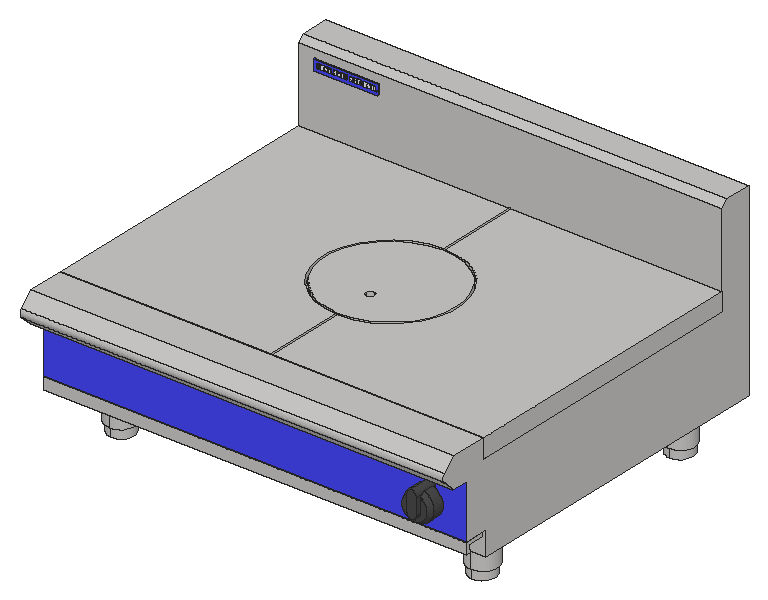
Revit family "QF_MOFFAT_BLUESEAL_CE_G57-B", category Specialty Equipment, Revit 2012
Parameters
  Width = 900 mm
  Weight in Pounds = 392
  URL Cutsheet = "www.moffat.com"
  URL = "www.moffat.com"
  Type Mark [instance] = ""
  Status [instance] = ""
  Specification by User [instance] = ""
  Specification by Manufacturer = ""
  Show Logo [instance] = yes
  Show Clearance [instance] = yes
  Serial Number = ""
  Seismic Rating = ""
  SMACNA No = ""
  Revision Code [instance] = ""
  Omniclass Number and Title = ""
  NAFEM Spec ID Number = ""
  Model = "G57-B"
  Mechanical Remarks = ""
  Mechanical Connection Type [instance] = ""
  Masterspec = ""
  Manufacturer = "MOFFAT BLUESEAL"
  Item Number [instance] = ""
  Installed By [instance] = ""
  Identify Quantity as Lot [instance] = yes
  Height = 485 mm
  Gas Size = 3/4"
  Gas RI Height [instance] = 0 mm
  Gas KW [instance] = 12.5
  Gas Input [instance] = 42700.0 Btu/h
  Gas Connection Height = 0 mm
  Furnished By [instance] = ""
  Foodservice Equipment Identifier [instance] = yes
  Description = "900MM GAS HOB TARGET TOP BENCH MOUNT"
  Depth = 812 mm
  CSI MasterFormat = ""
  CSI Master Format = ""
Reference planes
  plane 1 "BACK": y = 0
  plane 2: z = 0
  plane 3 "LEFT": x = 0
  plane 4 "RIGHT": x = 900
  plane 5 "FRONT": y = -812
  plane 6 "TOP": z = 485
  plane 7 "Center Y": x = 450
  plane 8 "Center X": y = -406
  plane 9: x = 280
  plane 10: y = -574.272
  plane 11: x = 60
  plane 12: y = -304.972
  plane 13: y = -364.972
  plane 14: x = 74
  plane 15: x = 834.5
  plane 16: y = -32
  plane 17: y = -100
  plane 18: y = -625
  plane 19: z = 85
  plane 20: z = 315
Forms (mm)
  Extrusion 1, solid, material "QF_Finishes_Stainless Steel"
    sketch origin (0, 0, 0) x (0, 1, 0) y (0, 0, 1)
      loop
        line (0, 85) -> (0, 485) -> (-57, 485) -> (-70, 472) -> (-70, 275) -> (-705, 275) -> (-705, 315) -> (-783.97, 315) -> (-808.503, 290.467)
        arc (-808.503, 290.467) -> (-812.01, 282) -> (-808.503, 273.533) r 11.974
        line (-808.503, 273.533) -> (-784.97, 250) -> (-749, 250) -> (-749, 136.219) -> (-699, 136.219) -> (-699, 85) -> (0, 85)
      loop
        line (-749, 110) -> (-740.224, 110) -> (-742.613, 126.999) -> (-707.93, 126.999) -> (-707.93, 134.003) -> (-749, 134.003) -> (-749, 110)
    from 0 to 900
  Revolve 2, solid, material "QF_Finishes_Stainless Steel"
    sketch origin (834.5, -171.126, 0) x (0, 1, 0) y (0, 0, -1)
      loop
        line (39.376, -85) -> (71.126, -85) -> (71.126, 0) -> (43.626, 0) -> (43.626, -20) -> (39.376, -20) -> (39.376, -85)
      axis (71.126, -85) -> (71.126, 0)
    angle from 0 to 360
  Revolve 3, solid, material "QF_Finishes_Stainless Steel"
    sketch origin (65.5, -171.126, 0) x (0, 1, 0) y (0, 0, 1)
      loop
        line (39.376, 85) -> (39.376, 20) -> (43.626, 20) -> (43.626, 0) -> (71.126, 0) -> (71.126, 85) -> (39.376, 85)
      axis (71.126, 85) -> (71.126, 0)
    angle from 0 to 360
  Revolve 4, solid, material "QF_Finishes_Stainless Steel"
    sketch origin (834.5, -696.126, 0) x (0, 1, 0) y (0, 0, -1)
      loop
        line (39.376, -85) -> (71.126, -85) -> (71.126, 0) -> (43.626, 0) -> (43.626, -20) -> (39.376, -20) -> (39.376, -85)
      axis (71.126, -85) -> (71.126, 0)
    angle from 0 to 360
  Revolve 5, solid, material "QF_Finishes_Stainless Steel"
    sketch origin (65.5, -696.126, 0) x (0, 1, 0) y (0, 0, 1)
      loop
        line (39.376, 85) -> (39.376, 20) -> (43.626, 20) -> (43.626, 0) -> (71.126, 0) -> (71.126, 85) -> (39.376, 85)
      axis (71.126, 85) -> (71.126, 0)
    angle from 0 to 360
  Extrusion 6, solid, material "QF_Finishes_Stainless Steel"
    sketch origin (-64.5, 0, -270) x (1, 0, 0) y (0, 1, 0)
      loop
        circle (834.5, -32) r 10
    from 325 to 355
  Revolve 7, solid, material "QF_Finishes_Black"
    sketch origin (824.351, 45.874, -603.868) x (0, 1, 0) y (0, 0, 1)
      loop
        line (-827.874, 829.5) -> (-838.874, 823.651) -> (-838.874, 797) -> (-794.874, 797) -> (-794.874, 802) -> (-804.874, 802) -> (-804.874, 829.5) -> (-827.874, 829.5)
      axis (-838.874, 797) -> (-794.874, 797)
    angle from 0 to 360
  Extrusion 8, solid, material "QF_Finishes_Black"
    sketch origin (676.544, 7, -603.868) x (1, 0, 0) y (0, 0, 1)
      loop
        line (158.3, 789) -> (158.3, 824)
        arc (158.3, 824) -> (148.3, 834) -> (138.3, 824) r 10
        line (138.3, 824) -> (138.3, 789)
        arc (138.3, 789) -> (148.3, 779) -> (158.3, 789) r 10
    from 759 to 808
  Extrusion 9, solid, material "QF_Finishes_Stainless Steel"
    sketch origin (0, 0, -600) x (0, 1, 0) y (0, 0, 1)
      loop
        line (-70, 915) -> (-705, 915) -> (-705, 875) -> (-70, 875) -> (-70, 915)
    from 0 to 900
  Extrusion 10, void
    sketch origin (0, -72.734, 315) x (1, 0, 0) y (0, -1, 0)
      loop
        line (447.967, 173.281) -> (447.967, -2.734) -> (452.2, -2.734) -> (452.2, 173.283)
        arc (452.2, 173.283) -> (592.5, 315.967) -> (451.798, 458.255) r 142.5
        line (451.798, 458.255) -> (451.798, 632.266) -> (447.7, 632.266) -> (447.7, 458.248)
        arc (447.7, 458.248) -> (307.5, 315.632) -> (447.967, 173.281) r 142.5
      loop
        circle (450, 315.766) r 138
      loop
        circle (450, 370.766) r 8.75
    from 0 to 10
Cuts and joins
  Extrusion 10 cuts Extrusion 9
Lines and regions (mm)
  Split face 1
    outline origin (0, 0, 485) x (0, -1, 0) y (1, 0, 0)
      loop
        arc (46.585, 276) -> (41.585, 284.66) -> (31.585, 284.66) r 10
        line (31.585, 284.66) -> (24.585, 280.619)
        arc (24.585, 280.619) -> (20.925, 276.959) -> (19.585, 271.959) r 10
        line (19.585, 271.959) -> (19.585, 44)
        arc (19.585, 44) -> (24.585, 35.34) -> (34.585, 35.34) r 10
        line (34.585, 35.34) -> (41.585, 39.381)
        arc (41.585, 39.381) -> (45.245, 43.041) -> (46.585, 48.041) r 10
        line (46.585, 48.041) -> (46.585, 276)
  Split face 2
    outline origin (0, 0, 485) x (0, -1, 0) y (1, 0, 0)
      loop
        arc (46.585, 566) -> (41.585, 574.66) -> (31.585, 574.66) r 10
        line (31.585, 574.66) -> (24.585, 570.619)
        arc (24.585, 570.619) -> (20.925, 566.959) -> (19.585, 561.959) r 10
        line (19.585, 561.959) -> (19.585, 334)
        arc (19.585, 334) -> (24.585, 325.34) -> (34.585, 325.34) r 10
        line (34.585, 325.34) -> (41.585, 329.381)
        arc (41.585, 329.381) -> (45.245, 333.041) -> (46.585, 338.041) r 10
        line (46.585, 338.041) -> (46.585, 566)
  Split face 3
    outline origin (0, 0, 485) x (0, -1, 0) y (1, 0, 0)
      loop
        arc (46.585, 856) -> (41.585, 864.66) -> (31.585, 864.66) r 10
        line (31.585, 864.66) -> (24.585, 860.619)
        arc (24.585, 860.619) -> (20.925, 856.959) -> (19.585, 851.959) r 10
        line (19.585, 851.959) -> (19.585, 624)
        arc (19.585, 624) -> (24.585, 615.34) -> (34.585, 615.34) r 10
        line (34.585, 615.34) -> (41.585, 619.381)
        arc (41.585, 619.381) -> (45.245, 623.041) -> (46.585, 628.041) r 10
        line (46.585, 628.041) -> (46.585, 856)
  symbolic lines
    curve 1: line (0, 0, 0) -> (0, -812, 0)
    curve 2: line (900, 0, 0) -> (0, 0, 0)
    curve 3: line (900, -812, 0) -> (900, 0, 0)
    curve 4: line (900, -812, 0) -> (0, -812, 0)
    curve 5: line (447.967, -70, 0) -> (447.967, -246.014, 0)
    curve 6: arc (452.2, -246.017, 0) -> (592.5, -388.701, 0) -> (451.798, -530.989, 0) r 142.5
    curve 7: line (452.2, -246.017, 0) -> (452.2, -70, 0)
    curve 8: arc (588, -388.5, 0) -> (450, -250.5, 0) -> (312, -388.5, 0) r 138
    curve 9: arc (447.7, -530.981, 0) -> (307.5, -388.366, 0) -> (447.967, -246.014, 0) r 142.5
    curve 10: arc (312, -388.5, 0) -> (450, -526.5, 0) -> (588, -388.5, 0) r 138
    curve 11: line (451.798, -705, 0) -> (451.798, -530.989, 0)
    curve 12: line (447.7, -530.981, 0) -> (447.7, -705, 0)
    curve 13: line (0, -705, 0) -> (900, -705, 0)
    curve 14: line (900, -70, 0) -> (0, -70, 0)
    curve 15: arc (441.25, -443.5, 0) -> (450, -434.75, 0) -> (458.75, -443.5, 0) r 8.75
    curve 16: arc (458.75, -443.5, 0) -> (450, -452.25, 0) -> (441.25, -443.5, 0) r 8.75
    curve 17: line (0, -57, 0) -> (900, -57, 0)
    curve 18: line (0, -783.97, 0) -> (900, -783.97, 0)
    curve 19: line (271.959, -19.585, 0) -> (44, -19.585, 0)
    curve 20: arc (44, -19.585, 0) -> (35.34, -24.585, 0) -> (35.34, -34.585, 0) r 10
    curve 21: line (35.34, -34.585, 0) -> (39.381, -41.585, 0)
    curve 22: arc (39.381, -41.585, 0) -> (43.041, -45.245, 0) -> (48.041, -46.585, 0) r 10
    curve 23: line (48.041, -46.585, 0) -> (276, -46.585, 0)
    curve 24: arc (276, -46.585, 0) -> (284.66, -41.585, 0) -> (284.66, -31.585, 0) r 10
    curve 25: line (284.66, -31.585, 0) -> (280.619, -24.585, 0)
    curve 26: arc (280.619, -24.585, 0) -> (276.959, -20.925, 0) -> (271.959, -19.585, 0) r 10
    curve 27: line (561.959, -19.585, 0) -> (334, -19.585, 0)
    curve 28: arc (334, -19.585, 0) -> (325.34, -24.585, 0) -> (325.34, -34.585, 0) r 10
    curve 29: line (325.34, -34.585, 0) -> (329.381, -41.585, 0)
    curve 30: arc (329.381, -41.585, 0) -> (333.041, -45.245, 0) -> (338.041, -46.585, 0) r 10
    curve 31: line (338.041, -46.585, 0) -> (566, -46.585, 0)
    curve 32: arc (566, -46.585, 0) -> (574.66, -41.585, 0) -> (574.66, -31.585, 0) r 10
    curve 33: line (574.66, -31.585, 0) -> (570.619, -24.585, 0)
    curve 34: arc (570.619, -24.585, 0) -> (566.959, -20.925, 0) -> (561.959, -19.585, 0) r 10
    curve 35: line (851.959, -19.585, 0) -> (624, -19.585, 0)
    curve 36: arc (624, -19.585, 0) -> (615.34, -24.585, 0) -> (615.34, -34.585, 0) r 10
    curve 37: line (615.34, -34.585, 0) -> (619.381, -41.585, 0)
    curve 38: arc (619.381, -41.585, 0) -> (623.041, -45.245, 0) -> (628.041, -46.585, 0) r 10
    curve 39: line (628.041, -46.585, 0) -> (856, -46.585, 0)
    curve 40: arc (856, -46.585, 0) -> (864.66, -41.585, 0) -> (864.66, -31.585, 0) r 10
    curve 41: line (864.66, -31.585, 0) -> (860.619, -24.585, 0)
    curve 42: arc (860.619, -24.585, 0) -> (856.959, -20.925, 0) -> (851.959, -19.585, 0) r 10
Dimensions and locks
  equal spacing: plane 3 "LEFT", plane 7 "Center Y", plane 4 "RIGHT"
  "Width": plane 3 "LEFT" to plane 4 "RIGHT"
  equal spacing: plane 5 "FRONT", plane 8 "Center X", plane 1 "BACK"
  plane 5 "FRONT" to plane 1 "BACK" = 812 mm  (x3)
  equal spacing: plane 4 "RIGHT", plane 7 "Center Y", plane 3 "LEFT"
  plane 4 "RIGHT" to plane 3 "LEFT" = 900 mm
  "Height": plane 6 "TOP" to level
  plane 10 to plane 1 "BACK" = 574.272 mm
  plane 12 to plane 1 "BACK" = 304.972 mm  (x2)
  plane 11 to plane 3 "LEFT" = 60 mm
  plane 14 to plane 3 "LEFT" = 74 mm
  plane 9 to plane 3 "LEFT" = 280 mm
  plane 6 "TOP" to plane 2 = 485 mm
  plane 2 to plane 19 = 85 mm
  plane 20 to plane 2 = 315 mm
  plane 6 "TOP" to level = 485 mm
  Extrusion 6 to level = 55 mm
  Extrusion 6 sketch curve to plane 4 "RIGHT" = 130 mm
  aligned and locked: level to plane 2
  aligned and locked: curve 3 to plane 4 "RIGHT"
Automatic sketch dimensions
  plane 19 to Revolve 2 sketch curve = 0 mm
  Revolve 2 sketch curve to level = 0 mm
  Revolve 2 sketch curve to plane 17 = 0 mm  (x2)
  Revolve 2 sketch curve to Revolve 2 sketch curve = 27.5 mm
  Revolve 2 sketch curve to Revolve 2 sketch curve = 31.75 mm
  Revolve 2 sketch curve to Revolve 2 sketch curve = 35 mm
  level to Revolve 2 sketch curve = 20 mm
  Revolve 2 sketch curve to Revolve 2 sketch curve = 55 mm
  plane 19 to Revolve 3 sketch curve = 0 mm
  Revolve 3 sketch curve to level = 0 mm
  Revolve 3 sketch curve to plane 17 = 0 mm  (x2)
  Revolve 3 sketch curve to Revolve 3 sketch curve = 27.5 mm
  Revolve 3 sketch curve to Revolve 3 sketch curve = 31.75 mm
  Revolve 3 sketch curve to level = 55 mm
  Revolve 3 sketch curve to Revolve 3 sketch curve = 20 mm
  plane 19 to Revolve 3 sketch curve = 35 mm
  plane 19 to Revolve 4 sketch curve = 0 mm
  Revolve 4 sketch curve to level = 0 mm
  Revolve 4 sketch curve to plane 18 = 0 mm  (x2)
  Revolve 4 sketch curve to Revolve 4 sketch curve = 27.5 mm
  Revolve 4 sketch curve to Revolve 4 sketch curve = 31.75 mm
  Revolve 4 sketch curve to Revolve 4 sketch curve = 35 mm
  level to Revolve 4 sketch curve = 20 mm
  Revolve 4 sketch curve to Revolve 4 sketch curve = 55 mm
  plane 19 to Revolve 5 sketch curve = 0 mm
  Revolve 5 sketch curve to level = 0 mm
  Revolve 5 sketch curve to plane 18 = 0 mm  (x2)
  Revolve 5 sketch curve to Revolve 5 sketch curve = 27.5 mm
  Revolve 5 sketch curve to Revolve 5 sketch curve = 31.75 mm
  Revolve 5 sketch curve to level = 55 mm
  Revolve 5 sketch curve to Revolve 5 sketch curve = 20 mm
  plane 19 to Revolve 5 sketch curve = 35 mm
  Extrusion 6 sketch curve to plane 16 = 0 mm
  Revolve 7 sketch curve to plane 5 "FRONT" = 19 mm
  Revolve 7 sketch curve to Revolve 7 sketch curve = 0 mm  (x2)
  Revolve 7 sketch curve to Revolve 7 sketch curve = 11 mm
  Revolve 7 sketch curve to Revolve 7 sketch curve = 12.7 mm
  Revolve 7 sketch curve to Revolve 7 sketch curve = 23 mm
  Revolve 7 sketch curve to Revolve 7 sketch curve = 10 mm
  Revolve 7 sketch curve to plane 19 = 108.132 mm
  Revolve 7 sketch curve to Revolve 7 sketch curve = 5 mm
  Revolve 7 sketch curve to Revolve 7 sketch curve = 26.651 mm
  Revolve 7 sketch curve to Revolve 7 sketch curve = 5.849 mm
  Extrusion 8 sketch curve to plane 15 = 19.656 mm
  Extrusion 8 sketch curve to plane 15 = 9.656 mm
  Extrusion 8 sketch curve to plane 19 = 100.132 mm
  Extrusion 8 sketch curve to Extrusion 8 sketch curve = 35 mm
  plane 19 to Extrusion 1 sketch curve = 0 mm
  Extrusion 1 sketch curve to plane 1 "BACK" = 0 mm
  Extrusion 1 sketch curve to plane 6 "TOP" = 194.533 mm
  Extrusion 1 sketch curve to plane 6 "TOP" = 211.467 mm
  Extrusion 1 sketch curve to Extrusion 1 sketch curve = 0 mm  (x2)
  Extrusion 1 sketch curve to Extrusion 1 sketch curve = 8.467 mm
  Extrusion 1 sketch curve to plane 20 = 65 mm
  Extrusion 1 sketch curve to Extrusion 1 sketch curve = 23.533 mm
  Extrusion 1 sketch curve to plane 6 "TOP" = 170 mm
  Extrusion 1 sketch curve to Extrusion 1 sketch curve = 24.533 mm
  Extrusion 1 sketch curve to Extrusion 1 sketch curve = 35.97 mm
  Extrusion 1 sketch curve to plane 20 = 188.001 mm
  Extrusion 1 sketch curve to Extrusion 1 sketch curve = 6.387 mm
  Extrusion 1 sketch curve to plane 20 = 205 mm
  Extrusion 1 sketch curve to Extrusion 1 sketch curve = 8.776 mm
  Extrusion 1 sketch curve to Extrusion 1 sketch curve = 34.683 mm
  Extrusion 1 sketch curve to Extrusion 1 sketch curve = 44 mm
  Extrusion 1 sketch curve to plane 6 "TOP" = 13 mm
  Extrusion 1 sketch curve to Extrusion 1 sketch curve = 13 mm
  Extrusion 1 sketch curve to Extrusion 1 sketch curve = 57 mm
  Extrusion 1 sketch curve to Extrusion 1 sketch curve = 7.004 mm
  Extrusion 1 sketch curve to Extrusion 1 sketch curve = 2.216 mm
  Extrusion 1 sketch curve to plane 6 "TOP" = 210 mm
  Extrusion 1 sketch curve to plane 6 "TOP" = 0 mm
  plane 18 to Extrusion 1 sketch curve = 74 mm
  Extrusion 1 sketch curve to Extrusion 1 sketch curve = 8.93 mm
  level to Extrusion 9 sketch curve = 315 mm
  plane 18 to Extrusion 9 sketch curve = 80 mm
  Extrusion 9 sketch curve to plane 17 = 30 mm
  Extrusion 9 sketch curve to Extrusion 9 sketch curve = 40 mm
  Extrusion 10 sketch curve to Extrusion 10 sketch curve = 0 mm  (x13)
  Extrusion 10 sketch curve to Extrusion 9 = 0 mm
  Extrusion 9 to Extrusion 10 sketch curve = 0 mm
  Extrusion 9 to Extrusion 10 sketch curve = 447.7 mm
  Extrusion 9 to Extrusion 10 sketch curve = 447.967 mm
  Extrusion 10 sketch curve to Extrusion 10 sketch curve = 2.3 mm
  Extrusion 10 sketch curve to Extrusion 10 sketch curve = 4.098 mm
  Extrusion 10 sketch curve to Extrusion 10 sketch curve = 4.232 mm
  Extrusion 9 to Extrusion 10 sketch curve = 174.011 mm
  Extrusion 10 sketch curve to Extrusion 10 sketch curve = 0.007 mm
  Extrusion 10 sketch curve to Extrusion 10 sketch curve = 4.489 mm
  Extrusion 10 sketch curve to Extrusion 10 sketch curve = 83 mm
  Extrusion 10 sketch curve to Extrusion 10 sketch curve = 55 mm
  curve 6 to curve 8 = 0 mm  (x2)
  curve 6 to curve 9 = 0 mm  (x2)
  plane 1 "BACK" to curve 1 = 0 mm
  curve 1 to plane 3 "LEFT" = 0 mm
  curve 8 to plane 7 "Center Y" = 0 mm
  curve 16 to plane 7 "Center Y" = 0 mm
  plane 5 "FRONT" to curve 1 = 0 mm
  plane 9 to curve 8 = 32 mm
  curve 16 to plane 7 "Center Y" = 8.75 mm
  curve 12 to plane 7 "Center Y" = 2.3 mm
  curve 9 to plane 7 "Center Y" = 2.033 mm
  plane 7 "Center Y" to curve 11 = 1.798 mm
  plane 7 "Center Y" to curve 6 = 2.2 mm
  curve 18 to plane 5 "FRONT" = 28.03 mm
  plane 18 to curve 11 = 80 mm
  plane 10 to curve 11 = 43.284 mm
  curve 6 to curve 12 = 0.007 mm
  curve 15 to plane 8 "Center X" = 37.5 mm
  plane 8 "Center X" to curve 10 = 17.5 mm
  curve 14 to plane 17 = 30 mm
  curve 14 to curve 17 = 13 mm
  Split face 1 sketch curve to Extrusion 1 = 19.585 mm
  Split face 1 sketch curve to Split face 1 sketch curve = 5 mm  (x2)
  Split face 1 sketch curve to Split face 1 sketch curve = 10 mm  (x3)
  Split face 1 sketch curve to Split face 1 sketch curve = 7 mm  (x4)
  Split face 1 sketch curve to Extrusion 1 = 864.66 mm
  Split face 1 sketch curve to Split face 1 sketch curve = 4.041 mm  (x2)
  Split face 1 sketch curve to Split face 1 sketch curve = 223.917 mm
  Split face 2 sketch curve to Extrusion 1 = 19.585 mm
  Split face 2 sketch curve to Split face 2 sketch curve = 5 mm  (x3)
  Split face 2 sketch curve to Split face 2 sketch curve = 10 mm  (x2)
  Split face 2 sketch curve to Split face 2 sketch curve = 7 mm  (x4)
  Split face 2 sketch curve to Extrusion 1 = 574.66 mm
  Split face 2 sketch curve to Split face 2 sketch curve = 4.041 mm  (x2)
  Split face 2 sketch curve to Split face 2 sketch curve = 223.917 mm
  Split face 3 sketch curve to Extrusion 1 = 19.585 mm
  Split face 3 sketch curve to Split face 3 sketch curve = 5 mm  (x3)
  Split face 3 sketch curve to Split face 3 sketch curve = 10 mm  (x2)
  Split face 3 sketch curve to Split face 3 sketch curve = 7 mm  (x4)
  Split face 3 sketch curve to Extrusion 1 = 284.66 mm
  Split face 3 sketch curve to Split face 3 sketch curve = 4.041 mm  (x2)
  Split face 3 sketch curve to Split face 3 sketch curve = 223.917 mm
  curve 21 to plane 16 = 2.585 mm
  curve 21 to plane 11 = 24.66 mm
  curve 21 to curve 22 = 4.041 mm
  curve 20 to plane 11 = 16 mm
  curve 21 to curve 22 = 8.66 mm
  curve 26 to plane 9 = 8.041 mm
  curve 24 to plane 9 = 4 mm
  plane 9 to curve 26 = 0.619 mm
  plane 16 to curve 25 = 0.415 mm
  plane 9 to curve 25 = 4.66 mm
  curve 22 to plane 16 = 14.585 mm
  curve 22 to curve 21 = 7 mm
  plane 16 to curve 20 = 2.415 mm
  plane 16 to curve 26 = 2.415 mm
  curve 28 to plane 16 = 2.585 mm
  curve 25 to curve 28 = 40.679 mm
  curve 29 to plane 16 = 9.585 mm
  curve 29 to curve 29 = 4.041 mm
  plane 16 to curve 28 = 12.415 mm
  curve 29 to curve 28 = 8.66 mm
  curve 30 to curve 31 = 8.66 mm
  plane 16 to curve 34 = 2.415 mm
  plane 7 "Center Y" to curve 34 = 111.959 mm
  curve 34 to curve 32 = 4.041 mm
  plane 16 to curve 33 = 7.415 mm
  plane 16 to curve 32 = 0.415 mm
  curve 33 to curve 32 = 4.041 mm
  curve 30 to curve 30 = 5 mm
  curve 36 to plane 16 = 2.585 mm
  curve 32 to curve 36 = 40.679 mm
  curve 37 to plane 16 = 9.585 mm
  curve 37 to curve 37 = 4.041 mm
  plane 16 to curve 36 = 2.415 mm
  curve 37 to curve 36 = 8.66 mm
  curve 36 to curve 38 = 4.041 mm
  plane 16 to curve 42 = 2.415 mm
  plane 15 to curve 42 = 17.459 mm
  curve 42 to curve 39 = 4.041 mm
  plane 16 to curve 42 = 7.415 mm
  plane 16 to curve 41 = 0.415 mm
  curve 42 to curve 41 = 4.041 mm
  curve 40 to plane 16 = 14.585 mm
  radius of Extrusion 6 sketch curve = 10 mm
  radius of Extrusion 10 sketch curve = 8.75 mm
Nested families
  nested 1: "WALDORF LOGO_FACE BASE1" at (32, -70, 455.459) x (1, 0, 0) z (0, -1, 0), visible <- "Show Logo", type "WALDORF LOGO_FACE BASE", detail levels medium+fine
    with Show Logo yes
Connectors
  piping at (770, -32, 55)
    settings: on Extrusion 6, index 1, connector radius 0.37402", flow factor 0, pipe flow 0 GPM, pressure drop 0.00 psi, fitting loss kfactor 0, connector angle 0.00°, fixture units 0, engagement length 0 mm, flow configuration 1, flow direction 1, fitting loss method 0, system type 7, joint type 0, gender type 0, connector reference index -1, connector utility 0, adjustable connector no, is connector primary yes, fitting loss table "", connector description "GAS CONNECTION"
Definition of nested family "WALDORF LOGO_FACE BASE1"
  Parameters (values of type "WALDORF LOGO_FACE BASE")
    Show Logo [instance] = yes
    Default Elevation = 1219.2 mm
  Reference planes
    plane 1 "Center (Front/Back)": y = 0
    plane 2: z = 0
    plane 3 "Center (Left/Right)": x = 0
  Forms (mm)
    Extrusion 1, solid
      sketch origin (0, 0, 0) x (1, 0, 0) y (0, 1, 0)
        loop
          line (-1219.2, 1219.2) -> (-1219.2, -1219.2) -> (1219.2, -1219.2) -> (1219.2, 1219.2) -> (-1219.2, 1219.2)
      from 0 to -304.8
    Extrusion 2, solid, material "QF_Finishes_Blue", visible <- "Show Logo"
      sketch origin (0, -33.217, 0) x (1, 0, 0) y (0, 1, 0)
        loop
          arc (138, 31.942) -> (137.626, 32.844) -> (136.724, 33.217) r 1.276
          line (136.724, 33.217) -> (1.29, 33.217)
          arc (1.29, 33.217) -> (0.378, 32.839) -> (0, 31.927) r 1.29
          line (0, 31.927) -> (0, 11.507)
          arc (0, 11.507) -> (0.378, 10.595) -> (1.29, 10.217) r 1.29
          line (1.29, 10.217) -> (136.71, 10.217)
          arc (136.71, 10.217) -> (137.622, 10.595) -> (138, 11.507) r 1.29
          line (138, 11.507) -> (138, 31.942)
      from 0 to 1.588
    Extrusion 3, solid, material "QF_Finishes_White", visible <- "Show Logo"
      sketch origin (0, -33.217, 1.588) x (1, 0, 0) y (0, 1, 0)
        loop
          arc (108.946, 25.919) -> (107.613, 25.367) -> (107.061, 24.034) r 1.885
          line (107.061, 24.034) -> (107.061, 17.211) -> (112.704, 17.211) -> (112.704, 19.129) -> (115.546, 19.129) -> (115.546, 17.211) -> (121.584, 17.211) -> (121.584, 24.075)
          arc (121.584, 24.075) -> (121.043, 25.379) -> (119.739, 25.919) r 1.845
          line (119.739, 25.919) -> (108.946, 25.919)
        loop
          line (123.478, 25.919) -> (123.478, 17.163) -> (134.904, 17.163) -> (134.904, 19.129) -> (129.246, 19.129) -> (129.246, 25.919) -> (123.478, 25.919)
        loop
          line (112.704, 21.258) -> (115.546, 21.258) -> (115.546, 22.702)
          arc (115.546, 22.702) -> (115.344, 23.188) -> (114.858, 23.389) r 0.687
          line (114.858, 23.389) -> (113.363, 23.389)
          arc (113.363, 23.389) -> (112.897, 23.196) -> (112.704, 22.73) r 0.658
          line (112.704, 22.73) -> (112.704, 21.258)
        loop
          line (105.071, 25.919) -> (93.771, 25.919) -> (93.771, 17.163) -> (105.071, 17.163) -> (105.071, 19.063) -> (99.535, 19.063) -> (99.535, 20.437) -> (105.071, 20.437) -> (105.071, 22.278) -> (99.535, 22.278) -> (99.535, 23.587) -> (105.071, 23.587) -> (105.071, 25.919)
        loop
          line (91.104, 25.919) -> (79.541, 25.919)
          arc (79.541, 25.919) -> (78.558, 25.513) -> (78.152, 24.53) r 1.389
          line (78.152, 24.53) -> (78.152, 22.08)
          arc (78.152, 22.08) -> (78.558, 21.098) -> (79.541, 20.691) r 1.389
          line (79.541, 20.691) -> (86.346, 20.691) -> (86.346, 18.864) -> (83.266, 18.864) -> (83.266, 19.664) -> (78.152, 19.664) -> (78.152, 18.553)
          arc (78.152, 18.553) -> (78.558, 17.57) -> (79.541, 17.163) r 1.389
          line (79.541, 17.163) -> (91.063, 17.163)
          arc (91.063, 17.163) -> (92.045, 17.57) -> (92.452, 18.553) r 1.389
          line (92.452, 18.553) -> (92.452, 20.691)
          arc (92.452, 20.691) -> (92.045, 21.673) -> (91.063, 22.08) r 1.389
          line (91.063, 22.08) -> (83.266, 22.08) -> (83.266, 23.984) -> (86.346, 23.984) -> (86.346, 22.743) -> (92.452, 22.743) -> (92.452, 24.571)
          arc (92.452, 24.571) -> (92.057, 25.524) -> (91.104, 25.919) r 1.348
        loop
          line (70.705, 25.919) -> (59.405, 25.919) -> (59.405, 17.163) -> (70.705, 17.163) -> (70.705, 19.063) -> (65.169, 19.063) -> (65.169, 20.437) -> (70.705, 20.437) -> (70.705, 22.278) -> (65.169, 22.278) -> (65.169, 23.587) -> (70.705, 23.587) -> (70.705, 25.919)
        loop
          line (57.598, 25.919) -> (51.7, 25.919) -> (51.7, 20.18)
          arc (51.7, 20.18) -> (50.63, 19.11) -> (49.56, 20.18) r 1.07
          line (49.56, 20.18) -> (49.56, 25.919) -> (43.663, 25.919) -> (43.663, 19.049)
          arc (43.663, 19.049) -> (44.215, 17.716) -> (45.548, 17.163) r 1.885
          line (45.548, 17.163) -> (55.71, 17.163)
          arc (55.71, 17.163) -> (57.045, 17.716) -> (57.598, 19.051) r 1.887
          line (57.598, 19.051) -> (57.598, 25.919)
        loop
          line (31.62, 25.919) -> (31.62, 17.163) -> (43.046, 17.163) -> (43.046, 19.129) -> (37.388, 19.129) -> (37.388, 25.919) -> (31.62, 25.919)
        loop
          line (15.969, 25.919) -> (15.969, 17.163) -> (28.693, 17.163)
          arc (28.693, 17.163) -> (29.812, 17.627) -> (30.276, 18.746) r 1.582
          line (30.276, 18.746) -> (30.276, 20.447) -> (29.48, 21.243) -> (30.276, 22.039) -> (30.276, 24.332)
          arc (30.276, 24.332) -> (29.811, 25.454) -> (28.688, 25.919) r 1.587
          line (28.688, 25.919) -> (15.969, 25.919)
        loop
          line (21.449, 24.159) -> (21.449, 22.436) -> (23.862, 22.436)
          arc (23.862, 22.436) -> (24.723, 23.298) -> (23.862, 24.159) r 0.861
          line (23.862, 24.159) -> (21.449, 24.159)
        loop
          line (21.449, 20.244) -> (21.449, 18.522) -> (23.862, 18.522)
          arc (23.862, 18.522) -> (24.723, 19.383) -> (23.862, 20.244) r 0.861
          line (23.862, 20.244) -> (21.449, 20.244)
      from 0 to 0.2
    Extrusion 4, solid, material "QF_Finishes_Blue", visible <- "Show Logo"
      sketch origin (-126.498, -31.09, 1.588) x (1, 0, 0) y (0, 1, 0)
        loop
          line (136.738, 23.522) -> (136.738, 15.1)
          arc (136.738, 15.1) -> (140.756, 19.311) -> (136.738, 23.522) r 4.216
      from 0 to 0.2
    Extrusion 5, solid, material "QF_Finishes_Red", visible <- "Show Logo"
      sketch origin (146.849, -31.09, 1.588) x (-1, 0, 0) y (0, -1, 0)
        loop
          arc (136.738, -23.522) -> (140.756, -19.311) -> (136.738, -15.1) r 4.216
          line (136.738, -15.1) -> (136.738, -23.522)
      from 0 to 0.2
  Lines and regions (mm)
    Split face 1
      outline origin (-90.35, -30.793, 1.588) x (1, 0, 0) y (0, 1, 0)
        loop
          circle (100.54, 19.013) r 4.536
  Dimensions and locks
    aligned and locked: plane 2 to Extrusion 1
    aligned and locked: level to Extrusion 1
